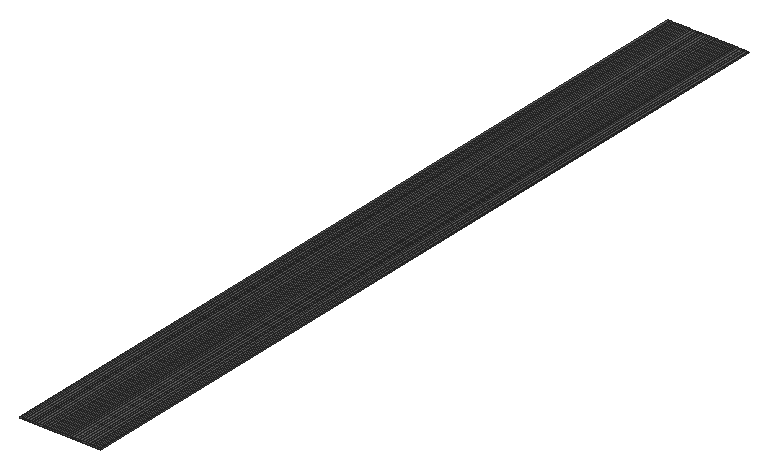
Revit family "111213072058804", category Modelos genéricos, Revit 2018
Family settings
  Puede alojar armadura = No
  Cota de conector redondo = Diámetro de uso
  Tipo de pieza = Normal
  Se basa en plano de trabajo = No
  Siempre vertical = No
  Corte con vacíos al cargar = No
  Compartido = No
  Punto de cálculo de habitación = No
Parameters (values of type "DESCANSO TITAN PVC 300MM NEGRO TIRA 3.0MT")
  Ventajas = "Autoextinguible"
  Uso = "Es un producto que se instala en los descansos de las escaleras, es una solución\r\nfabricada en PVC, ideal para zonas de medio y alto trafico, con estrías antideslizantes.\r\nIdeal para: Edificios Públicos y Privados, Colegios, Universidades, Centros comerciales,\r\nAeropuertos, Hoteles, Edificios Habitacionales, entre otros."
  Unidad = "Tiras de 1.20 Mts y 3.00 Mts."
  URL = "https://www.empresascnp.cl/"
  Num SKUs = "111213072058804"
  Nombre SKU = "DESCANSO TITAN PVC 300MM NEGRO TIRA 3.0MT"
  Modelo = "DESCANSO TITAN PVC 300MM"
  Material = PVC flexible negro
  Url Ficha tecnica = "https://empresascnp.cl/wp-content/uploads//pdf/ficha-tecnica-descanso-titan-pvc-300mm-amarillo-tira-1-2mt.pdf"
  Largo = 3000.00 mm
  Espesor = 4.00 mm
  Empresa = "CNP SPA."
  Dureza = "80 shore A"
  Dimension = 300.00 mm
  Descripción = "Descanso escalera Titan 30x3.00"
  Contacto = "info@empresascnp.cl"
  Color = "NEGRO"
  Aplicacion = "Escaleras"
  Alto = 4.00 mm
Reference planes
  plane 1 "Center F/B": y = 0
  plane 2: z = 0
  plane 3 "Center L/R": x = 0
  plane 4: z = -4
  plane 5 "2": y = 1500
  plane 6 "3": y = -1500
  plane 7: x = 300
  plane 8: z = -2
  plane 9 "4": x = 2
Forms (mm)
  Extrusion 1, solid, material "PVC flexible negro" <- "Material"
    sketch origin (0, 0, 0) x (1, 0, 0) y (0, 0, 1)
      loop
        line (300, 46) -> (298, 46) -> (298, 48) -> (292, 48) -> (292, 46) -> (288, 46) -> (288, 48) -> (282, 48) -> (282, 46) -> (278, 46) -> (278, 48) -> (272, 48) -> (272, 46) -> (268, 46) -> (268, 48) -> (262, 48) -> (262, 46) -> (258, 46) -> (258, 48) -> (252, 48) -> (252, 46) -> (248, 46) -> (248, 48) -> (242, 48) -> (242, 46) -> (238, 46) -> (238, 48) -> (232, 48) -> (232, 46) -> (228, 46) -> (228, 48) -> (222, 48) -> (222, 46) -> (218, 46) -> (218, 48) -> (212, 48) -> (212, 46) -> (208, 46) -> (208, 48) -> (202, 48) -> (202, 46) -> (198, 46) -> (198, 48) -> (192, 48) -> (192, 46) -> (188, 46) -> (188, 48) -> (182, 48) -> (182, 46) -> (178, 46) -> (178, 48) -> (172, 48) -> (172, 46) -> (168, 46) -> (168, 48) -> (162, 48) -> (162, 46) -> (158, 46) -> (158, 48) -> (152, 48) -> (152, 46) -> (148, 46) -> (148, 48) -> (142, 48) -> (142, 46) -> (138, 46) -> (138, 48) -> (132, 48) -> (132, 46) -> (128, 46) -> (128, 48) -> (122, 48) -> (122, 46) -> (118, 46) -> (118, 48) -> (112, 48) -> (112, 46) -> (108, 46) -> (108, 48) -> (102, 48) -> (102, 46) -> (98, 46) -> (98, 48) -> (92, 48) -> (92, 46) -> (88, 46) -> (88, 48) -> (82, 48) -> (82, 46) -> (78, 46) -> (78, 48) -> (72, 48) -> (72, 46) -> (68, 46) -> (68, 48) -> (62, 48) -> (62, 46) -> (58, 46) -> (58, 48) -> (52, 48) -> (52, 46) -> (48, 46) -> (48, 48) -> (42, 48) -> (42, 46) -> (38, 46) -> (38, 48) -> (32, 48) -> (32, 46) -> (28, 46) -> (28, 48) -> (22, 48) -> (22, 46) -> (18, 46) -> (18, 48) -> (12, 48) -> (12, 46) -> (8, 46) -> (8, 48) -> (2, 48) -> (2, 46) -> (0, 46) -> (0, 44) -> (300, 44) -> (300, 46)
    from -1500 to 1500
Dimensions and locks
  "Alto": level to plane 4
  equal spacing: plane 6 "3", plane 1 "Center F/B", plane 5 "2"
  "Largo": plane 6 "3" to plane 5 "2"
  "Dimension": plane 7 to plane 3 "Center L/R"
  aligned and locked: plane 6 "3" to Extrusion 1
  aligned and locked: Extrusion 1 to plane 5 "2"
Automatic sketch dimensions
  Extrusion 1 sketch curve to plane 4 = 50.00 mm  (x4)
  Extrusion 1 sketch curve to Extrusion 1 sketch curve = 2.00 mm  (x33)
  Extrusion 1 sketch curve to Extrusion 1 sketch curve = 6.00 mm  (x29)
  Extrusion 1 sketch curve to Extrusion 1 sketch curve = 4.00 mm  (x28)
  Extrusion 1 sketch curve to plane 7 = 122.00 mm
  Extrusion 1 sketch curve to plane 7 = 118.00 mm
  Extrusion 1 sketch curve to plane 7 = 112.00 mm
  Extrusion 1 sketch curve to Extrusion 1 sketch curve = 0.00 mm  (x27)
